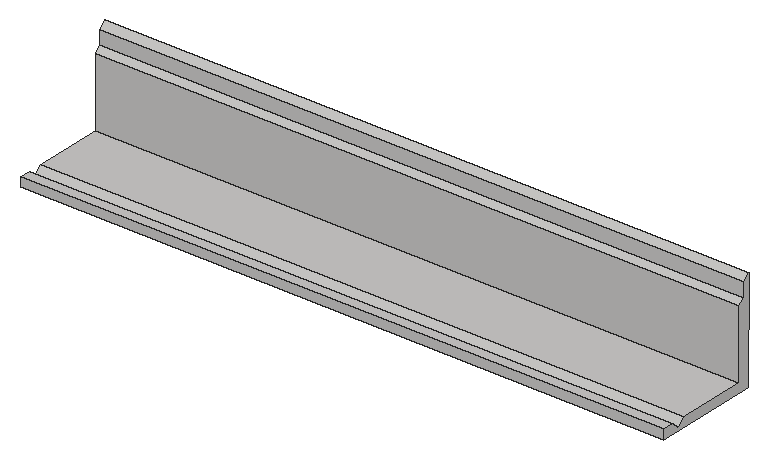
Revit family "QF_COZIL_TRL-05", category Equipamento especial, Revit 2020
Family settings
  Cota do conector redondo = Utilizar diâmetro
  Tipo de parte = Normal
  Número OmniClass = 23.40.40.14
  Título OmniClass = Food Service Equipment
  Com base no plano de trabalho = Não
  Sempre na vertical = Sim
  Corte com vazios quando carregada = Não
  Compartilhado = Não
  Ponto de cálculo do ambiente = Não
Parameters (values of type "TRL-05")
  Weight [instance] = 0.00 kg
  URL = "https://cozil.com.br/"
  Modelo = "TRL-05"
  Fabricante = "COZIL"
  Elevação padrão = 0 mm
  Descrição = "PRATELEIRA LISA TIPO TRAY-REST"
  Type Comments = ""
  Show Logo [instance] = yes
  Show Clearances [instance] = yes
  Masterspec [instance] = ""
  Length Actual [instance] = 2800 mm
  Identify Quantity as Lot [instance] = yes
  Height Actual [instance] = 450 mm
  Foodservice Equipment Identifier [instance] = yes
  Depth Actual [instance] = 460 mm
  CSI MasterFormat [instance] = ""
  CE Approved [instance] = yes
  Accessory [instance] = yes
Reference planes
  plane 1 "Centro (Frontal/Traseira)": y = 0
  plane 2: z = 0
  plane 3 "Centro (Esquerda/Direita)": x = 0
  plane 4: x = -1400
  plane 5: x = 1400
  plane 6: y = -460
  plane 7: z = 450
Forms (mm)
  Extrusion 1, solid, material "QF_Metal_Stainless Steel"
    sketch origin (-1400, 1061.824, 4000) x (0, 1, 0) y (0, 0, 1)
      loop
        line (-1521.824, -4000) -> (-1061.824, -4000) -> (-1061.824, -3550) -> (-1088.271, -3576.447) -> (-1088.271, -3636.447) -> (-1111.824, -3660) -> (-1111.824, -3960) -> (-1411.824, -3960) -> (-1441.824, -3990) -> (-1471.824, -3960) -> (-1521.824, -3960) -> (-1521.824, -4000)
    from 0 to 2800
Lines and regions (mm)
  symbolic lines
    curve 1: line (-1400, 0, 0) -> (1400, 0, 0)
    curve 2: line (-1400, -460, 0) -> (-1400, 0, 0)
    curve 3: line (1400, -460, 0) -> (-1400, -460, 0)
    curve 4: line (1400, 0, 0) -> (1400, -460, 0)
    curve 5: line (-1400, -410, 0) -> (1400, -410, 0)
    curve 6: line (-1400, -380, 0) -> (1400, -380, 0)
    curve 7: line (-1400, -350, 0) -> (1400, -350, 0)
    curve 8: line (1400, -50, 0) -> (-1400, -50, 0)
    curve 9: line (1400, -26.447, 0) -> (-1400, -26.447, 0)
Dimensions and locks
  equal spacing: plane 4, plane 3 "Centro (Esquerda/Direita)", plane 5
  "Length Actual": plane 4 to plane 5
  "Depth Actual": plane 6 to plane 1 "Centro (Frontal/Traseira)"
  "Height Actual": level to plane 7
  locked: plane 1 "Centro (Frontal/Traseira)" to Extrusion 1 sketch curve at 26.447
  locked: plane 1 "Centro (Frontal/Traseira)" to Extrusion 1 sketch curve at 50
  locked: Extrusion 1 sketch curve to plane 6 at 80
  locked: Extrusion 1 sketch curve to plane 6 at 50
  locked: Extrusion 1 sketch curve to Extrusion 1 sketch curve at 60
  locked: Extrusion 1 sketch curve to level at 40
  aligned and locked: level to plane 2
  aligned and locked: level to Extrusion 1 sketch curve
  aligned and locked: plane 1 "Centro (Frontal/Traseira)" to Extrusion 1 sketch curve
  aligned and locked: Extrusion 1 sketch curve to Extrusion 1 sketch curve
  aligned and locked: Extrusion 1 sketch curve to plane 6
  aligned and locked: plane 7 to Extrusion 1 sketch curve
  aligned and locked: Extrusion 1 to plane 4
  aligned and locked: plane 5 to Extrusion 1
  aligned and locked: curve 1 to Extrusion 1
  aligned and locked: curve 2 to Extrusion 1
  aligned and locked: curve 3 to Extrusion 1
  aligned and locked: curve 4 to Extrusion 1
  aligned and locked: curve 5 to Extrusion 1
  aligned and locked: curve 6 to Extrusion 1
  aligned and locked: curve 2 to curve 7
  aligned and locked: curve 7 to Extrusion 1
  aligned and locked: curve 8 to Extrusion 1
  aligned and locked: curve 9 to Extrusion 1
Automatic sketch dimensions
  plane 7 to Extrusion 1 sketch curve = 110 mm
  Extrusion 1 sketch curve to Extrusion 1 sketch curve = 23.553 mm
  plane 7 to Extrusion 1 sketch curve = 26.447 mm
